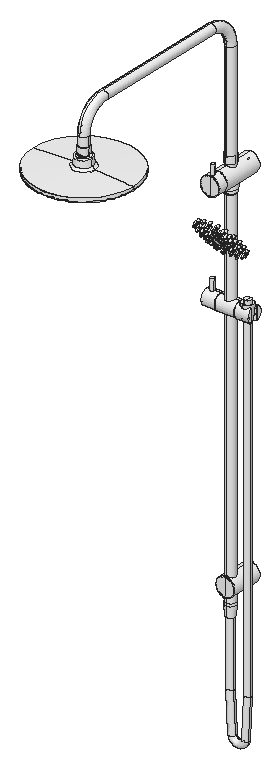
Revit family "Reece_Shower_Posh_Domaine_Rail Shower_Twin", category Plumbing Fixtures, Revit 2018 (continued)
Definition of nested family "Reece_Shower_Milli_Pure_Overhead_220mm Head_Nested"
  Forms (mm)
    Extrusion 4, solid, material <- "Reece_Material_Main", detail levels medium+fine
      sketch origin (0, 0, 50.4) x (-1, 0, 0) y (0, -1, 0)
        loop
          circle (14.62, 32.262) r 2
        loop
          circle (22.79, 44.842) r 2
        loop
          circle (6.768, 50.174) r 2
        loop
          circle (15.993, 63.301) r 2
        loop
          circle (24.108, 76.288) r 2
        loop
          circle (32.933, 88.892) r 2
        loop
          circle (16.157, 98.669) r 2
        loop
          circle (7.323, 80.065) r 2
        loop
          circle (-30.1, 22.265) r 2
        loop
          circle (-37.09, 7.947) r 2
        loop
          circle (-65.512, 16.791) r 2
        loop
          circle (-58.878, 32.716) r 2
        loop
          circle (-48.455, 46.287) r 2
        loop
          circle (-34.84, 56.739) r 2
        loop
          circle (-48.386, 20.938) r 2
        loop
          circle (-52.576, 4.371) r 2
        loop
          circle (-39.118, 34.118) r 2
        loop
          circle (-76.695, 29.922) r 2
        loop
          circle (-81.214, 13.055) r 2
        loop
          circle (-101.842, 8.867) r 2
        loop
          circle (-98.798, 26.134) r 2
        loop
          circle (-87.222, 42.409) r 2
        loop
          circle (-68.612, 45.024) r 2
        loop
          circle (-78.056, 57.557) r 2
        loop
          circle (-57.031, 58.212) r 2
        loop
          circle (-66.041, 70.613) r 2
        loop
          circle (-43.395, 68.882) r 2
        loop
          circle (-52.212, 81.017) r 2
        loop
          circle (-18.16, 32.262) r 2
        loop
          circle (-26.33, 44.842) r 2
        loop
          circle (-10.308, 50.174) r 2
        loop
          circle (-19.533, 63.301) r 2
        loop
          circle (-27.648, 76.288) r 2
        loop
          circle (-36.473, 88.892) r 2
        loop
          circle (-19.697, 98.669) r 2
        loop
          circle (-10.863, 80.065) r 2
        loop
          circle (-1.438, 35.817) r 2
        loop
          circle (-1.438, 65.504) r 2
        loop
          circle (-1.438, 100.504) r 2
        loop
          circle (-66.874, 0) r 2
        loop
          circle (-81.678, -4.245) r 2
        loop
          circle (12.106, -16.07) r 2
        loop
          circle (19.248, -3.613) r 2
        loop
          circle (26.56, -22.265) r 2
        loop
          circle (33.55, -7.947) r 2
        loop
          circle (29.686, -40.011) r 2
        loop
          circle (41.078, -27.465) r 2
        loop
          circle (47.678, -12.261) r 2
        loop
          circle (61.972, -16.791) r 2
        loop
          circle (55.338, -32.716) r 2
        loop
          circle (44.915, -46.287) r 2
        loop
          circle (31.3, -56.739) r 2
        loop
          circle (32.164, -72.801) r 2
        loop
          circle (59.88, -51.822) r 2
        loop
          circle (69.725, -37.607) r 2
        loop
          circle (76.183, -21.39) r 2
        loop
          circle (13.684, -47.239) r 2
        loop
          circle (12.23, -32.262) r 2
        loop
          circle (14.357, -63.301) r 2
        loop
          circle (15.084, -78.314) r 2
        loop
          circle (15.938, -98.528) r 2
        loop
          circle (33.124, -88.767) r 2
        loop
          circle (48.687, -80.721) r 2
        loop
          circle (62.73, -70.181) r 2
        loop
          circle (74.652, -57.286) r 2
        loop
          circle (83.778, -42.344) r 2
        loop
          circle (90.124, -25.95) r 2
        loop
          circle (98.307, -8.622) r 2
        loop
          circle (78.597, -4.294) r 2
        loop
          circle (-0.217, -99.939) r 2
        loop
          circle (0, -78.243) r 2
        loop
          circle (0, -64.243) r 2
        loop
          circle (0, -50.243) r 2
        loop
          circle (0, -36.243) r 2
        loop
          circle (0, -22.243) r 2
        loop
          circle (-12.323, -16.07) r 2
        loop
          circle (-19.465, -3.613) r 2
        loop
          circle (-26.776, -22.265) r 2
        loop
          circle (-33.766, -7.947) r 2
        loop
          circle (-29.903, -40.011) r 2
        loop
          circle (-41.295, -27.465) r 2
        loop
          circle (-47.895, -12.261) r 2
        loop
          circle (-62.189, -16.791) r 2
        loop
          circle (-55.555, -32.716) r 2
        loop
          circle (-45.132, -46.287) r 2
        loop
          circle (-31.517, -56.739) r 2
        loop
          circle (-32.38, -72.801) r 2
        loop
          circle (-47.524, -64.034) r 2
        loop
          circle (-60.097, -51.822) r 2
        loop
          circle (-69.942, -37.607) r 2
        loop
          circle (-76.4, -21.39) r 2
        loop
          circle (-13.901, -47.239) r 2
        loop
          circle (-12.446, -32.262) r 2
        loop
          circle (-14.574, -63.301) r 2
        loop
          circle (-15.3, -78.314) r 2
        loop
          circle (-16.155, -98.528) r 2
        loop
          circle (-33.341, -88.767) r 2
        loop
          circle (-48.903, -80.721) r 2
        loop
          circle (-62.947, -70.181) r 2
        loop
          circle (-74.868, -57.286) r 2
        loop
          circle (-83.995, -42.344) r 2
        loop
          circle (-95.341, -25.95) r 2
        loop
          circle (-98.524, -8.622) r 2
        loop
          circle (47.524, -64.034) r 2
      from 3 to 0
  Cuts and joins
    Extrusion 3 cuts Revolve 2
  Text (mm)
    text "Reece Copyright © 2018, Reece Ltd." at (-684.407, -223.434, 0), in view "Ref. Level"
    text "Reece ©" at (-127.472, 754.82, -286.938), in view "Reece_Preview"
  Dimensions and locks
    equal spacing: plane 4, plane 1 "Center (Front/Back)", plane 5
    "Reece_Overall_Diameter": plane 4 to plane 5
    equal spacing: plane 8, plane 3 "Center (Left/Right)", plane 7
    "Reece_Overall_Diameter": plane 8 to plane 7
    locked: plane 9 to Extrusion 4 sketch curve at 0
    aligned and locked: plane 2 to Extrusion 1
    aligned and locked: level to Extrusion 1
    aligned and locked: plane 10 to plane 1 "Center (Front/Back)"
    aligned and locked: plane 3 "Center (Left/Right)" to plane 9
  Automatic sketch dimensions
    Extrusion 1 sketch curve to Extrusion 1 sketch curve = 407.898 mm
    Extrusion 1 sketch curve to Extrusion 1 sketch curve = 410.737 mm
    Extrusion 3 sketch curve to plane 1 "Center (Front/Back)" = 3.005 mm  (x2)
    Extrusion 3 sketch curve to plane 3 "Center (Left/Right)" = 12 mm
    Extrusion 3 sketch curve to Extrusion 3 sketch curve = 2 mm  (x2)
    plane 3 "Center (Left/Right)" to Extrusion 3 sketch curve = 10 mm
    plane 1 "Center (Front/Back)" to Extrusion 3 sketch curve = 3.005 mm  (x2)
    Extrusion 4 sketch curve to Extrusion 4 sketch curve = 0 mm  (x46)
    plane 1 "Center (Front/Back)" to Extrusion 4 sketch curve = 0 mm  (x2)
    Extrusion 4 sketch curve to plane 3 "Center (Left/Right)" = 0 mm  (x4)
    plane 3 "Center (Left/Right)" to Extrusion 4 sketch curve = 0.217 mm
    plane 3 "Center (Left/Right)" to Extrusion 4 sketch curve = 1.438 mm  (x3)
    plane 3 "Center (Left/Right)" to Extrusion 4 sketch curve = 8.172 mm
    plane 3 "Center (Left/Right)" to Extrusion 4 sketch curve = 10.308 mm
    plane 3 "Center (Left/Right)" to Extrusion 4 sketch curve = 10.863 mm
    plane 3 "Center (Left/Right)" to Extrusion 4 sketch curve = 12.323 mm
    plane 3 "Center (Left/Right)" to Extrusion 4 sketch curve = 12.446 mm
    plane 3 "Center (Left/Right)" to Extrusion 4 sketch curve = 13.901 mm
    plane 3 "Center (Left/Right)" to Extrusion 4 sketch curve = 14.574 mm
    Extrusion 4 sketch curve to Extrusion 4 sketch curve = 0.726 mm  (x2)
    Extrusion 4 sketch curve to Extrusion 4 sketch curve = 15.938 mm
    Extrusion 4 sketch curve to Extrusion 4 sketch curve = 9.989 mm
    Extrusion 4 sketch curve to Extrusion 4 sketch curve = 10.613 mm  (x2)
    Extrusion 4 sketch curve to plane 1 "Center (Front/Back)" = 3.613 mm  (x2)
    Extrusion 4 sketch curve to Extrusion 4 sketch curve = 0.681 mm
    Extrusion 4 sketch curve to Extrusion 4 sketch curve = 9.225 mm
    Extrusion 4 sketch curve to Extrusion 4 sketch curve = 18.259 mm
    Extrusion 4 sketch curve to Extrusion 4 sketch curve = 8.17 mm  (x2)
    Extrusion 4 sketch curve to Extrusion 4 sketch curve = 14.453 mm  (x2)
    Extrusion 4 sketch curve to Extrusion 4 sketch curve = 8.115 mm  (x2)
    Extrusion 4 sketch curve to Extrusion 4 sketch curve = 16.002 mm  (x2)
    Extrusion 4 sketch curve to Extrusion 4 sketch curve = 11.939 mm
    Extrusion 4 sketch curve to Extrusion 4 sketch curve = 1.615 mm  (x2)
    Extrusion 4 sketch curve to Extrusion 4 sketch curve = 0.863 mm  (x2)
    Extrusion 4 sketch curve to Extrusion 4 sketch curve = 0.96 mm  (x2)
    Extrusion 4 sketch curve to Extrusion 4 sketch curve = 14.301 mm  (x2)
    Extrusion 4 sketch curve to Extrusion 4 sketch curve = 8.511 mm  (x2)
    Extrusion 4 sketch curve to Extrusion 4 sketch curve = 8.825 mm  (x2)
    plane 1 "Center (Front/Back)" to Extrusion 4 sketch curve = 7.947 mm  (x2)
    Extrusion 4 sketch curve to Extrusion 4 sketch curve = 6.99 mm  (x2)
    Extrusion 4 sketch curve to Extrusion 4 sketch curve = 9.019 mm  (x2)
    Extrusion 4 sketch curve to Extrusion 4 sketch curve = 14.518 mm  (x2)
    Extrusion 4 sketch curve to Extrusion 4 sketch curve = 8.555 mm  (x2)
    Extrusion 4 sketch curve to Extrusion 4 sketch curve = 15.229 mm  (x2)
    Extrusion 4 sketch curve to Extrusion 4 sketch curve = 15.144 mm
    Extrusion 4 sketch curve to Extrusion 4 sketch curve = 14.128 mm  (x2)
    Extrusion 4 sketch curve to Extrusion 4 sketch curve = 9.268 mm  (x2)
    Extrusion 4 sketch curve to Extrusion 4 sketch curve = 9.337 mm  (x2)
    Extrusion 4 sketch curve to Extrusion 4 sketch curve = 1.379 mm
    Extrusion 4 sketch curve to Extrusion 4 sketch curve = 8.817 mm  (x2)
    plane 1 "Center (Front/Back)" to Extrusion 4 sketch curve = 4.371 mm  (x2)
    Extrusion 4 sketch curve to Extrusion 4 sketch curve = 15.487 mm  (x2)
    Extrusion 4 sketch curve to Extrusion 4 sketch curve = 14.26 mm  (x2)
    Extrusion 4 sketch curve to Extrusion 4 sketch curve = 8.575 mm  (x2)
    Extrusion 4 sketch curve to Extrusion 4 sketch curve = 10.492 mm  (x2)
    Extrusion 4 sketch curve to Extrusion 4 sketch curve = 14.965 mm  (x2)
    Extrusion 4 sketch curve to Extrusion 4 sketch curve = 14.294 mm  (x2)
    Extrusion 4 sketch curve to Extrusion 4 sketch curve = 15.423 mm
    Extrusion 4 sketch curve to Extrusion 4 sketch curve = 6.634 mm  (x2)
    Extrusion 4 sketch curve to Extrusion 4 sketch curve = 9.01 mm  (x2)
    Extrusion 4 sketch curve to Extrusion 4 sketch curve = 14.298 mm
    Extrusion 4 sketch curve to Extrusion 4 sketch curve = 9.734 mm  (x2)
    Extrusion 4 sketch curve to Extrusion 4 sketch curve = 14.387 mm  (x2)
    Extrusion 4 sketch curve to Extrusion 4 sketch curve = 14.772 mm  (x2)
    Extrusion 4 sketch curve to Extrusion 4 sketch curve = 14.211 mm  (x2)
    Extrusion 4 sketch curve to Extrusion 4 sketch curve = 8.083 mm  (x2)
    Extrusion 4 sketch curve to Extrusion 4 sketch curve = 9.444 mm  (x2)
    Extrusion 4 sketch curve to Extrusion 4 sketch curve = 15.702 mm  (x2)
    Extrusion 4 sketch curve to plane 1 "Center (Front/Back)" = 4.245 mm
    Extrusion 4 sketch curve to Extrusion 4 sketch curve = 14.804 mm
    Extrusion 4 sketch curve to Extrusion 4 sketch curve = 14.053 mm  (x2)
    Extrusion 4 sketch curve to Extrusion 4 sketch curve = 10.527 mm  (x2)
    Extrusion 4 sketch curve to plane 7 = 14.659 mm
    Extrusion 4 sketch curve to plane 7 = 11.476 mm
    Extrusion 4 sketch curve to plane 7 = 11.202 mm
    Extrusion 4 sketch curve to plane 7 = 8.158 mm
    Extrusion 4 sketch curve to plane 3 "Center (Left/Right)" = 6.085 mm
    Extrusion 4 sketch curve to plane 3 "Center (Left/Right)" = 6.768 mm
    Extrusion 4 sketch curve to plane 3 "Center (Left/Right)" = 7.323 mm
    Extrusion 4 sketch curve to plane 3 "Center (Left/Right)" = 12.106 mm
    Extrusion 4 sketch curve to plane 3 "Center (Left/Right)" = 12.23 mm
    Extrusion 4 sketch curve to plane 3 "Center (Left/Right)" = 13.684 mm
    Extrusion 4 sketch curve to plane 3 "Center (Left/Right)" = 14.357 mm
    Extrusion 4 sketch curve to plane 3 "Center (Left/Right)" = 14.62 mm
    Extrusion 4 sketch curve to plane 3 "Center (Left/Right)" = 15.938 mm
    Extrusion 4 sketch curve to plane 3 "Center (Left/Right)" = 15.993 mm
    Extrusion 4 sketch curve to plane 3 "Center (Left/Right)" = 16.157 mm
    Extrusion 4 sketch curve to Extrusion 4 sketch curve = 7.142 mm
    Extrusion 4 sketch curve to Extrusion 4 sketch curve = 9.862 mm
    Extrusion 4 sketch curve to Extrusion 4 sketch curve = 15.36 mm
    Extrusion 4 sketch curve to Extrusion 4 sketch curve = 1.163 mm
    Extrusion 4 sketch curve to Extrusion 4 sketch curve = 15.206 mm
    Extrusion 4 sketch curve to Extrusion 4 sketch curve = 15.245 mm
    Extrusion 4 sketch curve to plane 1 "Center (Front/Back)" = 4.294 mm
    Extrusion 4 sketch curve to Extrusion 4 sketch curve = 14.315 mm
    Extrusion 4 sketch curve to Extrusion 4 sketch curve = 13.941 mm
    plane 8 to Extrusion 4 sketch curve = 14.742 mm
    plane 8 to Extrusion 4 sketch curve = 11.698 mm
    plane 8 to Extrusion 4 sketch curve = 11.693 mm
    Extrusion 4 sketch curve to plane 1 "Center (Front/Back)" = 7.947 mm  (x2)
    Extrusion 4 sketch curve to plane 1 "Center (Front/Back)" = 8.622 mm  (x2)
    Extrusion 4 sketch curve to plane 1 "Center (Front/Back)" = 12.261 mm  (x2)
    Extrusion 4 sketch curve to Extrusion 4 sketch curve = 12.457 mm  (x2)
    Extrusion 4 sketch curve to Extrusion 4 sketch curve = 4.53 mm  (x2)
    Extrusion 4 sketch curve to Extrusion 4 sketch curve = 4.598 mm  (x2)
    Extrusion 4 sketch curve to Extrusion 4 sketch curve = 6.173 mm
    Extrusion 4 sketch curve to Extrusion 4 sketch curve = 6.196 mm  (x2)
    Extrusion 4 sketch curve to Extrusion 4 sketch curve = 17.327 mm
    Extrusion 4 sketch curve to Extrusion 4 sketch curve = 4.56 mm
    Extrusion 4 sketch curve to Extrusion 4 sketch curve = 5.2 mm  (x2)
    Extrusion 4 sketch curve to Extrusion 4 sketch curve = 10.019 mm  (x2)
    Extrusion 4 sketch curve to Extrusion 4 sketch curve = 5.251 mm  (x2)
    Extrusion 4 sketch curve to Extrusion 4 sketch curve = 3.981 mm
    Extrusion 4 sketch curve to Extrusion 4 sketch curve = 4.892 mm  (x2)
    Extrusion 4 sketch curve to Extrusion 4 sketch curve = 12.546 mm  (x2)
    Extrusion 4 sketch curve to Extrusion 4 sketch curve = 4.736 mm  (x2)
    Extrusion 4 sketch curve to Extrusion 4 sketch curve = 6.277 mm  (x2)
    Extrusion 4 sketch curve to Extrusion 4 sketch curve = 14.977 mm  (x2)
    Extrusion 4 sketch curve to Extrusion 4 sketch curve = 14 mm  (x3)
    Extrusion 4 sketch curve to Extrusion 4 sketch curve = 5.535 mm  (x2)
    Extrusion 4 sketch curve to Extrusion 4 sketch curve = 16.728 mm  (x2)
    Extrusion 4 sketch curve to Extrusion 4 sketch curve = 5.464 mm  (x2)
    Extrusion 4 sketch curve to Extrusion 4 sketch curve = 16.063 mm  (x2)
    Extrusion 4 sketch curve to Extrusion 4 sketch curve = 12.211 mm  (x2)
    Extrusion 4 sketch curve to Extrusion 4 sketch curve = 6.148 mm  (x2)
    Extrusion 4 sketch curve to Extrusion 4 sketch curve = 16.062 mm  (x2)
    Extrusion 4 sketch curve to Extrusion 4 sketch curve = 15.012 mm  (x2)
    Extrusion 4 sketch curve to Extrusion 4 sketch curve = 16.688 mm  (x2)
    Extrusion 4 sketch curve to Extrusion 4 sketch curve = 15.966 mm  (x2)
    Extrusion 4 sketch curve to plane 4 = 11.472 mm  (x2)
    Extrusion 4 sketch curve to plane 4 = 10.061 mm
    plane 1 "Center (Front/Back)" to Extrusion 4 sketch curve = 8.867 mm  (x2)
    plane 1 "Center (Front/Back)" to Extrusion 4 sketch curve = 10.621 mm  (x2)
    plane 1 "Center (Front/Back)" to Extrusion 4 sketch curve = 13.055 mm  (x2)
    Extrusion 4 sketch curve to Extrusion 4 sketch curve = 3.737 mm  (x2)
    Extrusion 4 sketch curve to Extrusion 4 sketch curve = 9.545 mm
    Extrusion 4 sketch curve to Extrusion 4 sketch curve = 16.567 mm  (x2)
    Extrusion 4 sketch curve to Extrusion 4 sketch curve = 11.645 mm
    Extrusion 4 sketch curve to Extrusion 4 sketch curve = 14.319 mm
    Extrusion 4 sketch curve to Extrusion 4 sketch curve = 17.267 mm  (x2)
    Extrusion 4 sketch curve to Extrusion 4 sketch curve = 13.131 mm  (x2)
    Extrusion 4 sketch curve to Extrusion 4 sketch curve = 12.097 mm
    Extrusion 4 sketch curve to Extrusion 4 sketch curve = 9.997 mm
    Extrusion 4 sketch curve to Extrusion 4 sketch curve = 11.778 mm  (x2)
    Extrusion 4 sketch curve to Extrusion 4 sketch curve = 11.853 mm  (x2)
    Extrusion 4 sketch curve to Extrusion 4 sketch curve = 3.554 mm
    Extrusion 4 sketch curve to Extrusion 4 sketch curve = 12.487 mm  (x2)
    Extrusion 4 sketch curve to Extrusion 4 sketch curve = 12.58 mm  (x2)
    Extrusion 4 sketch curve to Extrusion 4 sketch curve = 12.308 mm  (x2)
    Extrusion 4 sketch curve to Extrusion 4 sketch curve = 12.169 mm  (x2)
    Extrusion 4 sketch curve to Extrusion 4 sketch curve = 14.358 mm  (x2)
    Extrusion 4 sketch curve to Extrusion 4 sketch curve = 11.896 mm  (x2)
    Extrusion 4 sketch curve to Extrusion 4 sketch curve = 12.533 mm  (x2)
    Extrusion 4 sketch curve to Extrusion 4 sketch curve = 11.924 mm  (x2)
    Extrusion 4 sketch curve to Extrusion 4 sketch curve = 13.127 mm  (x2)
    Extrusion 4 sketch curve to Extrusion 4 sketch curve = 15.33 mm
    Extrusion 4 sketch curve to Extrusion 4 sketch curve = 12.143 mm  (x2)
    Extrusion 4 sketch curve to Extrusion 4 sketch curve = 12.401 mm  (x2)
    Extrusion 4 sketch curve to Extrusion 4 sketch curve = 12.986 mm  (x2)
    Extrusion 4 sketch curve to Extrusion 4 sketch curve = 14.561 mm
    Extrusion 4 sketch curve to Extrusion 4 sketch curve = 3.778 mm
    Extrusion 4 sketch curve to Extrusion 4 sketch curve = 12.135 mm  (x2)
    Extrusion 4 sketch curve to Extrusion 4 sketch curve = 12.604 mm  (x2)
    plane 5 to Extrusion 4 sketch curve = 11.331 mm  (x2)
    plane 5 to Extrusion 4 sketch curve = 9.496 mm
    plane 3 "Center (Left/Right)" to Extrusion 4 sketch curve = 1.949 mm
    Extrusion 4 sketch curve to Extrusion 4 sketch curve = 1.002 mm  (x32)
    Extrusion 4 sketch curve to plane 3 "Center (Left/Right)" = 1.515 mm
    Extrusion 4 sketch curve to Extrusion 4 sketch curve = 2 mm  (x6)
    Extrusion 4 sketch curve to Extrusion 4 sketch curve = 1.731 mm  (x16)
    Extrusion 4 sketch curve to Extrusion 4 sketch curve = 1 mm
    Revolve 2 sketch curve to plane 3 "Center (Left/Right)" = 0 mm  (x2)
    Revolve 2 sketch curve to level = 0 mm
    Revolve 2 sketch curve to plane 7 = 0 mm
    plane 3 "Center (Left/Right)" to Revolve 2 sketch curve = 9.014 mm
    Revolve 2 sketch curve to Revolve 2 sketch curve = 0.763 mm
    Revolve 2 sketch curve to Revolve 2 sketch curve = 1.054 mm
    Revolve 2 sketch curve to Revolve 2 sketch curve = 0.789 mm
    Revolve 2 sketch curve to Revolve 2 sketch curve = 0.264 mm
    plane 3 "Center (Left/Right)" to Revolve 2 sketch curve = 11.525 mm
    Revolve 2 sketch curve to Revolve 2 sketch curve = 5.258 mm
    Revolve 2 sketch curve to Revolve 2 sketch curve = 1.839 mm
    Revolve 2 sketch curve to Revolve 2 sketch curve = 6.682 mm
    Revolve 2 sketch curve to plane 6 "Showerhead surface" = 0.018 mm
    Revolve 2 sketch curve to plane 7 = 1.003 mm
    Revolve 2 sketch curve to Revolve 2 sketch curve = 0.302 mm
    Revolve 2 sketch curve to Revolve 2 sketch curve = 2.211 mm
    Revolve 2 sketch curve to Revolve 2 sketch curve = 1.751 mm
    Revolve 2 sketch curve to Revolve 2 sketch curve = 7.198 mm
    Revolve 2 sketch curve to Revolve 2 sketch curve = 5.993 mm
    Revolve 2 sketch curve to Revolve 2 sketch curve = 0.182 mm
    Revolve 2 sketch curve to Revolve 2 sketch curve = 696.268 mm
    Revolve 2 sketch curve to Revolve 2 sketch curve = 0.293 mm
    plane 6 "Showerhead surface" to Revolve 2 sketch curve = 223.332 mm
    radius of Extrusion 4 sketch curve = 2 mm  (x106)
Types (2, lengths in mm): name | URL | Reece_Product_Web Page | Reece_Product_Number | Reece_Product_Description | Reece_Material_Secondary | Reece_Material_Main | Keynote
  Chrome | "https://www.reece.com.au/product/-2213365" | "https://www.reece.com.au/product/-2213365" | "2213365" | "Posh Domaine Twin Rail Shower with Top Rail Water Inlet Chrome (3 Star)" | Reece_Brass_Chrome | Reece_Brass_Chrome | "Product #2213365, Reece_Shower_Posh_Domaine_Rail Shower_Twin - Chrome"
  Matte Black | "https://www.reece.com.au/product/-2213366" | "https://www.reece.com.au/product/-2213366" | "2213366" | "Posh Domaine Twin Rail Shower with Top Rail Water Inlet Matte Black (3 Star)" | Reece_Brass_Matte Black | Reece_Brass_Matte Black | "Product #2213366, Reece_Shower_Posh_Domaine_Rail Shower_Twin - Matte Black"
